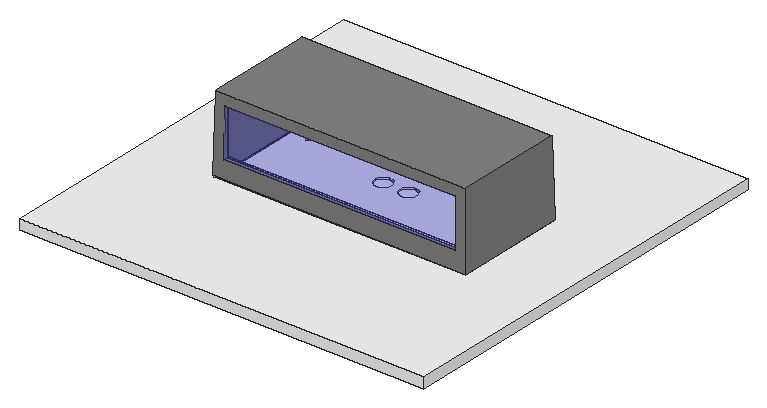
Revit family "BE_50146.5_de_DE", category Leuchten, Revit 2020
Family settings
  Basisbauteil = Fläche
  Bemaßung runder Anschluss = Durchmesser verwenden
  Teiletyp = Normal
  Beim Laden mit Abzugskörper schneiden = Ja
  Lichtquelle = Ja
  Gemeinsam genutzt = Nein
  Raumberechnungspunkt = Ja
Parameters (values of type "BEGA_50146.5_K4")
  built-in parameter 1150104 = 12.096 (stored number, unit not read)
  Wattage = 25.2 W
  Default Elevation = 0 mm
  built-in parameter 1150113 = 1 (stored number, unit not read)
  built-in parameter 1114218 = 1 (stored number, unit not read)
  Umgebungstemperatur = "25 °C"
  URL = "https://www.bega.com/de/produkt/50146.5"
  Typenkommentare = "© 2022 BEGA. Wir behalten uns das Recht vor, technische Änderungen ohne vorherige Ankündigung vorzunehmen."  # constant formula
  built-in parameter 1150134 = 12
  built-in parameter 1150109 = 1 (stored number, unit not read)
  Strom = ""
  built-in parameter 1150110 = 1 (stored number, unit not read)
  Spannung = 239.996 V
  Sonderanfertigung = no
  Seriennummer [instance] = "Hier können Sie die eindeutige Seriennummer für das Facility Management eintragen."
  Schutzklasse = "I"
  Schutzart = "IP 20"
  Scheinlast = 0 VA
  Produktdatenblatt = "https://cdn.bega.com/bega/products/50146.5K4/current/documents/data-sheets/de"
  Oberflächentemperatur = ""
  Neigungswinkel = 0.00°
  Modell = "50146.5K4"
  Material_17 = BEGA_Reflektor
  Material_15 = BEGA_Leuchtmedium_matt
  Material_11 = BEGA_Glas_opal
  Material_09 = BEGA_Glas_klar
  Material_08 = BEGA_Oberfläche_Stahl_verzinkt
  Material_06 = BEGA_Oberfläche_Edelstahl_gebürstet
  Material_05 = BEGA_Oberfläche_Aluminium Guss
  Material_03 = BEGA_Oberfläche_Weiss_matt
  Material_02 = BEGA_Oberfläche_Silber_matt
  Material_01 [instance] = BEGA_Oberfläche_Grafit_matt
  M_W = no
  M_G = no
  M_A = no
  Logo = 0
  built-in parameter 1114217 = 1 (stored number, unit not read)
  built-in parameter 1150139 = (empty or 0)
  built-in parameter 1150105 = 261.1 (stored number, unit not read)
  built-in parameter 1150114 = 1 (stored number, unit not read)
  Lumens = 3281.04 lm
  built-in parameter 1150115 = 1 (stored number, unit not read)
  Leuchtenlichtstrom = "2678 lm"
  Leuchtenanzahl = ""
  Lebensdauerkriterien = "L70B50 @ 25 °C = 200000 h"
  Lastklassifizierung = Beleuchtung
  built-in parameter 1150112 = 1 (stored number, unit not read)
  Lampenlichtstrom = "3770 lm"
  Lampe = "LED 24.6 W"
  LED_Modulbezeichnung = "2x LED-0696/940"
  Hersteller = "BEGA"  # constant formula
  Halbstreuwinkel = ""
  Gewicht = "1.95 kg"
  Gebrauchslageneinschränkung [instance] = ""
  Frequenz = "0/50-60 Hz"
  Farbwiedergabeindex = "CRI > 90"
  Farbtemperaturverschiebung bei Dämpfen der Lampe = <Keine Auswahl>
  Farbtemperatur = "4000 K"
  Color Filter = 16777215
  built-in parameter 1150133 = 10 (stored number, unit not read)
  Energieeffizienzklasse = "LED A++ - A"
  built-in parameter 1150137 = (empty or 0)
  built-in parameter 1150132 = (empty or 0)
  ENEC = "ja"
  Dimmbar [instance] = "DALI"
  Datei für fotometrisches Netz = "BE_50146.5K4.IES"
  CE_Konformität = "ja"
  Bestellnummer = "50146.5K4"
  Beschreibung_Sonderanfertigung = "Hier können Sie Informationen zur Sonderanfertigung eintragen."
  Beschreibung = "Wandfluter"
  built-in parameter 1150106 = 2.611 (stored number, unit not read)
  Befestigungsbohrung = "Ø 4,8 mm"
  Befestigungsabstand = "200 x 65 mm"
  Ballwurfsicher = ""
  BEGA_Intern_aus = yes
  BEGA_Intern_an = yes
  BEGA_Intern_Konstruktion = yes
  BEGA_Intern = yes
  BEGA_IES = yes
  BEGA_Dummy = no
  Anschlussleitung = ""
  Anschlussleistung [instance] = "28.4 W"
  Anschlusskasten = ""
  built-in parameter 1150107 = 4000 (stored number, unit not read)
  built-in parameter 1150102 = (empty or 0)
  built-in parameter 1150138 = (empty or 0)
  Aktualisierung = "2022-05-18T04:00:07"
  Abstand_zur_angestrahlten_Fläche [instance] = ""
  AC/DC = "AC/DC"
Types (2, lengths in mm): name | built-in parameter 1150104 | built-in parameter 1150134 | Modell | built-in parameter 1150105 | Lumens | Leuchtenlichtstrom | Lampenlichtstrom | LED_Modulbezeichnung | Farbtemperatur | Datei für fotometrisches Netz | Bestellnummer | built-in parameter 1150106 | built-in parameter 1150107
  BEGA_50146.5_K3 | 11.65 (stored number, unit not read) | (empty or 0) | "50146.5K3" | 251.47 (stored number, unit not read) | 3160.08 lm | "2571 lm" | "3620 lm" | "2x LED-0696/930" | "3000 K" | "BE_50146.5K3.IES" | "50146.5K3" | 2.5147 (stored number, unit not read) | 3000 (stored number, unit not read)
  BEGA_50146.5_K4 | 12.096 (stored number, unit not read) | 12 | "50146.5K4" | 261.1 (stored number, unit not read) | 3281.04 lm | "2678 lm" | "3770 lm" | "2x LED-0696/940" | "4000 K" | "BE_50146.5K4.IES" | "50146.5K4" | 2.611 (stored number, unit not read) | 4000 (stored number, unit not read)
Reference planes
  plane 1 "Mitte (Vorne/Hinten)": y = 0
  plane 2: z = 0
  plane 3 "Mitte (Links/Rechts)": x = 0
  plane 4 "Links": x = -125
  plane 5 "Rechts": x = 125
  plane 6 "Unten": y = -55
  plane 7 "Oben": y = 55
  plane 8 "Vorne": z = 76
  plane 9 "Hinten": z = 0
Forms (mm)
  Extrusion 1, solid, material "BEGA_Platte_Weiss"
    sketch origin (0, -1119.2, 0) x (1, 0, 0) y (0, 1, 0)
      loop
        line (-200, 1319.2) -> (-200, 919.2) -> (200, 919.2) -> (200, 1319.2) -> (-200, 1319.2)
    from 0 to -10
  Extrusion 2, solid, material "BEGA_Dummy_matt", visible <- "BEGA_Dummy"
    sketch origin (80.095, -76.023, 0) x (1, 0, 0) y (0, 1, 0)
      loop
        line (-205.095, 131.023) -> (-205.095, 21.023) -> (44.905, 21.023) -> (44.905, 131.023) -> (-205.095, 131.023)
    from 0 to 76
Dimensions and locks
  plane 1 "Mitte (Vorne/Hinten)" to Extrusion 1 = 200 mm
  aligned and locked: plane 2 to Extrusion 1
  aligned and locked: level to Extrusion 1
Nested families
  nested 1: "BE_50146.5" at (0, 0, 0), type "BE_50146.5"
Connectors
  electrical at (0, 0, 0), driven by "Lastklassifizierung", driven by "Spannung", driven by "Scheinlast"
    settings: index 1, voltage 239.996 V, apparent load 0 VA, apparent load phase1 0 VA, apparent load phase2 0 VA, apparent load phase3 0 VA, power factor 1, load classification "Beleuchtung", number of poles 1, system type 31, power factor state 1, is connector primary yes, connector utility no, sub classification motor no, connector description ""
Definition of nested family "BE_50146.5"
  Parameters (values of type "BE_50146.5")
    Default Elevation = 1 mm
    URL = "http://www.bega.de/de/produkt"
    Type Comments = "© 2015 BEGA. Wir behalten uns das Recht vor, technische Änderungen ohne vorherige Ankündigung vorzunehmen. "  # constant formula
    Type Image = (empty or 0)
    Neigungswinkel_um_Z2 = 0.00°
    Neigungswinkel_um_Z1 = 0.00°
    Neigungswinkel_um_Y2 = 0.00°
    Neigungswinkel_um_Y1 = 0.00°
    Neigungswinkel_um_X2 = 0.00°
    Neigungswinkel_um_X1 = 0.00°
    Material_17 = none
    Material_15 = none
    Material_11 = none
    Material_09 = none
    Material_08 = none
    Material_06 = none
    Material_05 = none
    Material_03 = none
    Material_02 = none
    Material_01 = none
    M_W = yes
    M_G = yes
    M_A = yes
    Länge_Platte = 400 mm  # constant formula
    Höhe_Platte = -10 mm  # constant formula
    Manufacturer = "BEGA"  # constant formula
    Drehwinkel_um_Z2 = 0.00°
    Drehwinkel_um_Z1 = 0.00°
    Breite_Platte = 200 mm  # constant formula
  Reference planes
    plane 1 "Mitte (Oben/Unten)": y = 0
    plane 2: z = 0
    plane 3 "Mitte (Links/Rechts)": x = 0
    plane 4: x = -125
    plane 5: z = 76
    plane 6: x = 125
    plane 7: y = 55
    plane 8: y = -55
  Forms (mm)
    Extrusion 1, solid, detail levels medium
      sketch origin (0, 0, 0) x (1, 0, 0) y (0, 1, 0)
        loop
          line (-200, 100) -> (-200, -100) -> (200, -100) -> (200, 100) -> (-200, 100)
      from 0 to -10 <- "Höhe_Platte"
    Extrusion 2, solid, material <- "Material_01", detail levels medium+fine
      sketch origin (0, 0, 0) x (1, 0, 0) y (0, 0, 1)
        loop
          line (-125, 1) -> (-121, 1) -> (-118.661, 68) -> (118.661, 68) -> (121, 1) -> (125, 1) -> (123.691, 76) -> (-123.691, 76) -> (-125, 1)
      from -55 to 55
    Extrusion 3, solid, material <- "Material_01", detail levels medium+fine
      sketch origin (0, 0, 0) x (1, 0, 0) y (0, 0, 1)
        loop
          line (123.691, 76) -> (-123.691, 76) -> (-125, 1) -> (125, 1) -> (123.691, 76)
      from -55 to -50.695
    Extrusion 4, solid, material <- "Material_01", detail levels medium+fine
      sketch origin (0, 0, 0) x (1, 0, 0) y (0, 0, -1)
        loop
          line (123.691, -76) -> (125, -1) -> (-125, -1) -> (-123.691, -76) -> (123.691, -76)
      from -55 to -50.695
    Extrusion 5, void
      sketch origin (0, 0, 0) x (0, 1, 0) y (0, 0, 1)
        loop
          line (55, 1) -> (55.86, 1.015) -> (55.86, 78.41) -> (53.649, 78.41) -> (55, 1)
        loop
          line (-55, 1) -> (-53.649, 78.41) -> (-55.86, 78.41) -> (-55.86, 1.015) -> (-55, 1)
      from -135.401 to 130.838
    Sweep 6, solid, material <- "Material_03", detail levels medium+fine
      path origin (0, 0, 0) x (1, 0, 0) y (0, 1, 0)
        loop
          line (-125, 55) -> (-125, -55) -> (125, -55) -> (125, 55) -> (-125, 55)
      profile origin (-125, 0, 0) x (1, 0, 0) y (0, 0, 1)
        loop
          line (0.5, 1) -> (0.5, 0) -> (2.572, 0)
          arc (2.572, 0) -> (3.337, 0.152) -> (3.986, 0.586) r 2
          line (3.986, 0.586) -> (5.107, 1.707)
          arc (5.107, 1.707) -> (5.432, 1.924) -> (5.814, 2) r 1
          line (5.814, 2) -> (11.938, 2) -> (11.938, 3) -> (5.814, 3)
          arc (5.814, 3) -> (5.049, 2.848) -> (4.4, 2.414) r 2
          line (4.4, 2.414) -> (3.279, 1.293)
          arc (3.279, 1.293) -> (2.954, 1.076) -> (2.572, 1) r 1
          line (2.572, 1) -> (0.5, 1)
    Extrusion 7, solid, material <- "Material_03", detail levels medium+fine
      sketch origin (0, 0, 0) x (1, 0, 0) y (0, 1, 0)
        loop
          line (-113.062, 43.062) -> (-113.062, -43.062) -> (113.062, -43.062) -> (113.062, 43.062) -> (-113.062, 43.062)
      from 2 to 3
    Extrusion 8, void
      sketch origin (0, 0, 0) x (0, 1, 0) y (0, 0, 1)
        loop
          line (47.599, 66.082) -> (47.599, 18) -> (55.612, 18) -> (55.612, 66.082) -> (47.599, 66.082)
        loop
          line (-47.599, 66.082) -> (-55.612, 66.082) -> (-55.612, 18) -> (-47.599, 18) -> (-47.599, 66.082)
      from -114.499 to 114.499
    Extrusion 9, solid, material <- "Material_11", detail levels medium+fine
      sketch origin (0, 0, 0) x (0, 1, 0) y (0, 0, 1)
        loop
          line (54.603, 18.077) -> (53.765, 66.069) -> (49.366, 65.992) -> (50.203, 18) -> (54.603, 18.077)
      from -114.499 to 114.499
    Extrusion 10, solid, material <- "Material_11", detail levels medium+fine
      sketch origin (0, 0, 0) x (0, 1, 0) y (0, 0, 1)
        loop
          line (49.339, 67.492) -> (45.74, 67.429) -> (46.63, 16.437) -> (50.229, 16.5) -> (49.339, 67.492)
      from -116.248 to 116.218
    Extrusion 11, solid, material <- "Material_11", detail levels medium+fine
      sketch origin (0, 0, 0) x (0, -1, 0) y (0, 0, -1)
        loop
          line (54.603, -18.077) -> (50.203, -18) -> (49.366, -65.992) -> (53.765, -66.069) -> (54.603, -18.077)
      from -114.499 to 114.499
    Extrusion 12, solid, material <- "Material_11", detail levels medium+fine
      sketch origin (0, 0, 0) x (0, -1, 0) y (0, 0, -1)
        loop
          line (49.339, -67.492) -> (50.229, -16.5) -> (46.63, -16.437) -> (45.74, -67.429) -> (49.339, -67.492)
      from -116.248 to 116.218
    Extrusion 13, void
      sketch origin (0, 0, 0) x (1, 0, 0) y (0, 1, 0)
        loop
          circle (-100, 32.5) r 2.4
        loop
          circle (100, -32.5) r 2.4
        loop
          circle (-12.5, 15) r 8.5
        loop
          circle (12.5, 15) r 8.5
      from 0 to 6.68
    Revolve 14, solid, material <- "Material_06", detail levels fine
      sketch origin (110, 0, 0) x (0, 1, 0) y (0, 0, 1)
        loop
          line (56, 9) -> (56, 11) -> (53.425, 11) -> (53.425, 9) -> (56, 9)
        axis (56, 9) -> (53.425, 9)
      angle from 0 to 360
    Revolve 15, solid, material <- "Material_06", detail levels fine
      sketch origin (-110, 0, 0) x (0, 1, 0) y (0, 0, -1)
        loop
          line (56, -9) -> (53.425, -9) -> (53.425, -11) -> (56, -11) -> (56, -9)
        axis (56, -9) -> (53.425, -9)
      angle from 0 to 360
  Cuts and joins
    Extrusion 5, Extrusion 8 cuts Extrusion 2
    Extrusion 5, Extrusion 8 cuts Extrusion 3
    Extrusion 5, Extrusion 8 cuts Extrusion 4
    joined: Extrusion 2, Extrusion 3, Extrusion 4
    Extrusion 13 cuts Sweep 6
    Extrusion 13 cuts Extrusion 7
    joined: Sweep 6, Extrusion 7
    joined: Extrusion 9, Extrusion 10
    joined: Extrusion 11, Extrusion 12
  Dimensions and locks
    equal spacing: Extrusion 1 sketch curve, plane 3 "Mitte (Links/Rechts)", Extrusion 1 sketch curve
    equal spacing: Extrusion 1 sketch curve, plane 1 "Mitte (Oben/Unten)", Extrusion 1 sketch curve
    "Länge_Platte": Extrusion 1 sketch curve to Extrusion 1 sketch curve
    "Breite_Platte": Extrusion 1 sketch curve to Extrusion 1 sketch curve
    aligned and locked: plane 2 to Extrusion 1
    aligned and locked: level to Extrusion 1
  Automatic sketch dimensions
    level to Extrusion 2 sketch curve = 1 mm  (x2)
    Extrusion 2 sketch curve to Extrusion 2 sketch curve = 1.309 mm
    Extrusion 2 sketch curve to Extrusion 2 sketch curve = 4 mm  (x2)
    Extrusion 2 sketch curve to Extrusion 2 sketch curve = 5.03 mm  (x2)
    Extrusion 2 sketch curve to Extrusion 2 sketch curve = 2.34 mm
    Extrusion 2 sketch curve to Extrusion 2 sketch curve = 67 mm
    Extrusion 2 sketch curve to Extrusion 2 sketch curve = 8 mm
    level to Extrusion 3 sketch curve = 1 mm
    Extrusion 3 sketch curve to Extrusion 3 sketch curve = 1.309 mm
    Extrusion 3 sketch curve to Extrusion 3 sketch curve = 75 mm
    level to Extrusion 4 sketch curve = 1 mm
    Extrusion 4 sketch curve to Extrusion 4 sketch curve = 1.309 mm
    Extrusion 4 sketch curve to Extrusion 4 sketch curve = 75 mm
    level to Extrusion 5 sketch curve = 1.015 mm
    plane 1 "Mitte (Oben/Unten)" to Extrusion 5 sketch curve = 55.86 mm
    level to Extrusion 5 sketch curve = 1 mm  (x2)
    Extrusion 5 sketch curve to Extrusion 5 sketch curve = 0.86 mm
    Extrusion 5 sketch curve to Extrusion 5 sketch curve = 2.211 mm  (x2)
    Extrusion 5 sketch curve to plane 1 "Mitte (Oben/Unten)" = 53.649 mm
    Extrusion 5 sketch curve to plane 1 "Mitte (Oben/Unten)" = 55 mm
    Extrusion 5 sketch curve to Extrusion 5 sketch curve = 0.015 mm
    plane 1 "Mitte (Oben/Unten)" to Sweep 6 sketch curve = 55 mm
    Sweep 6 sketch curve to plane 1 "Mitte (Oben/Unten)" = 55 mm
    Sweep 6 sketch curve to Sweep 6 sketch curve = 0 mm  (x9)
    Sweep 6 sketch curve to level = 0 mm
    Sweep 6 sketch curve to profile plane = 0.5 mm
    Sweep 6 sketch curve to Sweep 6 sketch curve = 2.072 mm
    level to Sweep 6 sketch curve = 1 mm  (x2)
    Sweep 6 sketch curve to Sweep 6 sketch curve = 3.243 mm
    level to Sweep 6 sketch curve = 2 mm
    Sweep 6 sketch curve to Sweep 6 sketch curve = 6.124 mm
    Sweep 6 sketch curve to Sweep 6 sketch curve = 1 mm  (x2)
    level to Sweep 6 sketch curve = 1.293 mm
    Sweep 6 sketch curve to Sweep 6 sketch curve = 0.707 mm  (x3)
    level to Sweep 6 sketch curve = 0.586 mm
    Sweep 6 sketch curve to Sweep 6 sketch curve = 1.414 mm
    level to Sweep 6 sketch curve = 1.707 mm
    plane 1 "Mitte (Oben/Unten)" to Extrusion 7 sketch curve = 43.062 mm
    Extrusion 7 sketch curve to plane 1 "Mitte (Oben/Unten)" = 43.062 mm
    plane 1 "Mitte (Oben/Unten)" to Extrusion 8 sketch curve = 55.612 mm
    Extrusion 8 sketch curve to Extrusion 8 sketch curve = 8.013 mm  (x2)
    level to Extrusion 8 sketch curve = 18 mm  (x2)
    Extrusion 8 sketch curve to plane 1 "Mitte (Oben/Unten)" = 47.599 mm
    Extrusion 8 sketch curve to Extrusion 8 sketch curve = 48.082 mm  (x2)
    Extrusion 9 sketch curve to plane 1 "Mitte (Oben/Unten)" = 49.366 mm
    level to Extrusion 9 sketch curve = 18 mm
    Extrusion 9 sketch curve to Extrusion 9 sketch curve = 0.838 mm
    Extrusion 9 sketch curve to Extrusion 9 sketch curve = 4.399 mm  (x2)
    level to Extrusion 9 sketch curve = 18.077 mm
    Extrusion 9 sketch curve to Extrusion 9 sketch curve = 47.993 mm
    Extrusion 9 sketch curve to Extrusion 9 sketch curve = 0.077 mm
    Extrusion 10 sketch curve to plane 1 "Mitte (Oben/Unten)" = 45.74 mm
    level to Extrusion 10 sketch curve = 16.437 mm
    Extrusion 10 sketch curve to plane 1 "Mitte (Oben/Unten)" = 46.63 mm
    Extrusion 10 sketch curve to Extrusion 10 sketch curve = 3.599 mm  (x2)
    level to Extrusion 10 sketch curve = 16.5 mm
    Extrusion 10 sketch curve to Extrusion 10 sketch curve = 50.992 mm
    Extrusion 10 sketch curve to Extrusion 10 sketch curve = 0.063 mm
    Extrusion 11 sketch curve to plane 1 "Mitte (Oben/Unten)" = 49.366 mm
    Extrusion 11 sketch curve to level = 18 mm
    Extrusion 11 sketch curve to Extrusion 11 sketch curve = 0.838 mm
    Extrusion 11 sketch curve to Extrusion 11 sketch curve = 4.399 mm  (x2)
    Extrusion 11 sketch curve to level = 18.077 mm
    Extrusion 11 sketch curve to Extrusion 11 sketch curve = 47.993 mm
    Extrusion 11 sketch curve to Extrusion 11 sketch curve = 0.077 mm
    Extrusion 12 sketch curve to plane 1 "Mitte (Oben/Unten)" = 45.74 mm
    Extrusion 12 sketch curve to level = 16.437 mm
    Extrusion 12 sketch curve to plane 1 "Mitte (Oben/Unten)" = 46.63 mm
    Extrusion 12 sketch curve to Extrusion 12 sketch curve = 3.599 mm  (x2)
    Extrusion 12 sketch curve to level = 16.5 mm
    Extrusion 12 sketch curve to Extrusion 12 sketch curve = 50.992 mm
    Extrusion 12 sketch curve to Extrusion 12 sketch curve = 0.063 mm
    Extrusion 13 sketch curve to plane 1 "Mitte (Oben/Unten)" = 32.5 mm
    Extrusion 13 sketch curve to plane 3 "Mitte (Links/Rechts)" = 100 mm
    Extrusion 13 sketch curve to plane 3 "Mitte (Links/Rechts)" = 12.5 mm
    plane 3 "Mitte (Links/Rechts)" to Extrusion 13 sketch curve = 12.5 mm
    plane 1 "Mitte (Oben/Unten)" to Extrusion 13 sketch curve = 32.5 mm
    Extrusion 13 sketch curve to Extrusion 13 sketch curve = 87.5 mm
    Extrusion 13 sketch curve to plane 1 "Mitte (Oben/Unten)" = 15 mm  (x2)
    level to Revolve 14 sketch curve = 11 mm
    Revolve 14 sketch curve to plane 1 "Mitte (Oben/Unten)" = 53.425 mm
    Revolve 14 sketch curve to Revolve 14 sketch curve = 2.575 mm
    Revolve 14 sketch curve to Revolve 14 sketch curve = 2 mm  (x2)
    Revolve 14 sketch curve to Revolve 14 sketch curve = 0.595 mm
    Revolve 14 sketch curve to Revolve 14 sketch curve = 0 mm
    level to Revolve 15 sketch curve = 11 mm
    Revolve 15 sketch curve to plane 1 "Mitte (Oben/Unten)" = 53.425 mm
    Revolve 15 sketch curve to Revolve 15 sketch curve = 2.575 mm
    Revolve 15 sketch curve to Revolve 15 sketch curve = 2 mm  (x2)
    Revolve 15 sketch curve to Revolve 15 sketch curve = 0.595 mm
    Revolve 15 sketch curve to Revolve 15 sketch curve = 0 mm
    plane 4 to Extrusion 2 sketch curve = 0 mm
    plane 4 to Extrusion 3 sketch curve = 0 mm
    plane 4 to Extrusion 4 sketch curve = 0 mm
    Sweep 6 sketch curve to plane 4 = 0 mm
    Extrusion 7 sketch curve to plane 4 = 11.938 mm
    Extrusion 2 sketch curve to plane 6 = 0 mm
    Extrusion 3 sketch curve to plane 6 = 0 mm
    Extrusion 3 sketch curve to plane 6 = 1.309 mm
    Extrusion 4 sketch curve to plane 6 = 0 mm
    Extrusion 4 sketch curve to plane 6 = 1.309 mm
    Sweep 6 sketch curve to plane 6 = 0 mm
    Extrusion 7 sketch curve to plane 6 = 11.938 mm
    radius of Extrusion 13 sketch curve = 2.4 mm  (x2)
    radius of Extrusion 13 sketch curve = 8.5 mm  (x2)
